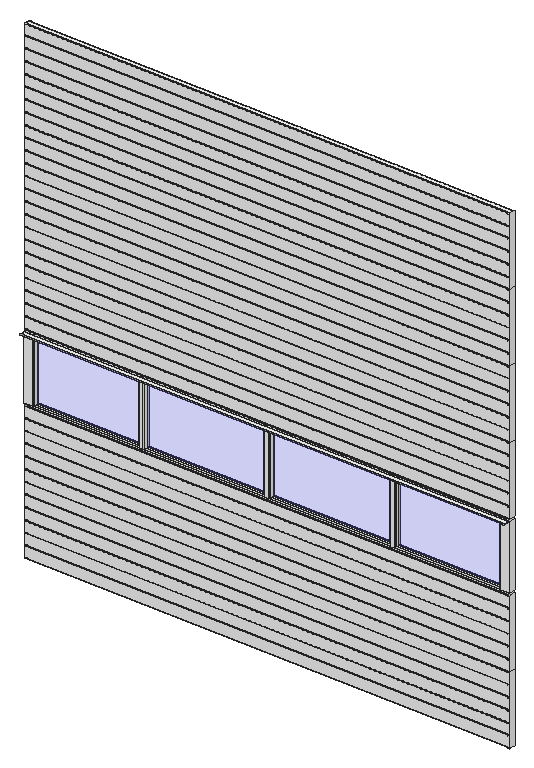
Revit family
Parameters (values of type "By Type")
  Windload = "Doors available rated for various design pressures; consult Clopay for avaialbility and specifications"
  VisSection6 = NumSections = 6  # no
  VisSection5 = NumSections > 4  # yes
  VisSection4 = NumSections > 3  # yes
  VisSection3 = NumSections > 2  # yes
  VisArray = NumSections > 6  # yes
  URL = "www.clopaydoor.com"
  Track = "Galvanized steel (gauge varies according to door size)"
  Thickness = 0' - 2"  # constant formula
  Spec Wizard = "http://www.arcat.com/specwizard/08360clo/index.htm"
  Section Height = Height / NumSections  # 2' - 0"
  Section 5 Glazing = Section : Solid
  Section 4 Glazing = Section : Solid
  Section 3 Glazing = Full Vision Section : Intermediate
  Sales Information = "http://www.clopaydoor.com/where-to-buy.aspx?type=dealer"
  Rough Width = 0' - 0"  # constant formula
  Rough Height = 0' - 0"  # constant formula
  R-Value = "12.9"
  Product Features and Benefits = "http://www.clopaydoor.com/insulated-polyurethane-applications.aspx"
  Overlapping Jamb = yes
  Overlap = if(Overlapping Jamb, 0' 1", 0' 0")  # 0' - 1"
  Opening Width = 14' - 0"
  Opening Height = 14' - 0"
  Omniclass Table = "23-30 10 17 37 "
  NumSectionsNotRounded = Height / 2' 0"  # 7
  NumSections = NumSectionsNotRounded + 0.4999  # 7
  NumArraySections = if(NumSections > 6, NumSections - 5, 2)  # 2
  Model = "3715"
  Maximum Size = "Maximum 32' 2'' wide by 26' 0'' high. Additional limitations may apply do to door weight. Consult Clopay for specificiations and shop drawings."  # constant formula
  Manufacturer Website = "http://www.clopaydoor.com"
  Manufacturer Phone Number = "1-800-526-4301"
  Manufacturer Address = "1400 W. Market St., Troy, OH 45373"
  Manufacturer = "Clopay Building Products Company"
  LEED = "http://products.construction.com/swts_content_files/151607/303186.pdf"
  Keynote = "08 36 13"
  Interior Steel = "28 ga. galvanized, primed, and finish painted"
  Hardware = "14 ga. min. steel hinges; 10-ball steel rollers"
  GreenFormat = "http://www.greenformat.com/products/1536-Polyurethane%20Insulated%20Doors.rtf"
  Function = (empty or 0)
  Height = Opening Height + Rough Width * 0  # 14' - 0"
  Wall Closure = (empty or 0)
  Width = Opening Width + Rough Width * 0  # 14' - 0"
  FloorToSection7 = 6 * Section Height  # 12' - 0"
  FloorToSection6 = 5 * Section Height  # 10' - 0"
  FloorToSection5 = 4 * Section Height  # 8' - 0"
  FloorToSection4 = 3 * Section Height  # 6' - 0"
  FloorToSection3 = 2 * Section Height  # 4' - 0"
  FloorToSection2 = Section Height  # 2' - 0"
  File Revision = "02 (August, 2012)"
  Exterior Steel = "27 ga. galvanized, primed, and finish painted"
  Double End Stiles = Door Width > 14' 2"  # no
  Door Width = Opening Width + Overlap * 2  # 14' - 2"
  Door Height = Opening Height + Rough Width * 0  # 14' - 0"
  Description = "1-3/8'' thick polyurethane insulated, stucco embossed 27 gauge steel exterior with light ribbed pattern."
  Core Material = "Expanded polyurethane"
  Copyright = "2010, Clopay Building Products Company, Inc."
  Color = White
  CAD and Specifications = "http://www.clopaydoor.com/insulated-polyurethane-specs.aspx"
  Assembly Code = "B2030410"
Reference planes (in)
  plane 1 "Center (Front/Back)": y = 0
  plane 2 "Center (Left/Right)": x = 0
  plane 3 "Left": x = -84
  plane 4 "Right": x = 84
  plane 5 "Top": z = 168
  plane 6 "Exterior": y = 3
  plane 7 "Interior": y = -3
  plane 8: z = 120
  plane 9: z = 144
Lines and regions (in)
  Opening 1
    outline origin (-90, -3, 0) x (1, 0, 0) y (0, 0, 1)
      loop
        line (6, 0) -> (174, 0) -> (174, 168) -> (6, 168) -> (6, 0)
Text (in)
  text "Exterior" at (-74.96733, 27.31104, 0), in view "Ref. Level"
  text "Interior" at (-74.96733, -25.14366, 0), in view "Ref. Level"
  text "Exterior" at (0, 40.15149, 123.01588), in view "Right"
  text "Interior" at (0, -64.39139, 123.01588), in view "Right"
  text "Interior" at (0, -31.01599, 123.00693), in view "Left"
  text "Exterior" at (0, 54.57065, 123.00693), in view "Left"
Dimensions and locks (in)
  equal spacing: plane 3 "Left", plane 2 "Center (Left/Right)", plane 4 "Right"
  "Height": level to plane 5 "Top"
  "Width": plane 3 "Left" to plane 4 "Right"
  host wall to plane 5 "Top" = 14' - 0"
  nested 1 to plane 7 "Interior" = 0' - 0 1/2"
  "FloorToSection6": plane 8 to level
  "FloorToSection7": plane 9 to level
  group 1 to group 2 = 0' - 0"  (x2)
  group 1 to group 2 = 2' - 0"
  host wall to host wall = 67' - 6"
  aligned and locked: plane 3 "Left" to Opening 1 sketch curve
  aligned and locked: plane 5 "Top" to Opening 1 sketch curve
  aligned and locked: Opening 1 sketch curve to plane 5 "Top"
  aligned and locked: Opening 1 sketch curve to plane 4 "Right"
  aligned and locked: Opening 1 sketch curve to level
  aligned and locked: plane 6 "Exterior" to host wall
  aligned and locked: host wall to plane 7 "Interior"
  aligned and locked: plane 2 "Center (Left/Right)" to nested 2
  aligned and locked: plane 2 "Center (Left/Right)" to nested 3
  aligned and locked: plane 2 "Center (Left/Right)" to nested 4
  aligned and locked: plane 2 "Center (Left/Right)" to nested 5
  aligned and locked: plane 2 "Center (Left/Right)" to nested 7
  aligned and locked: nested 7 to plane 8
  aligned and locked: nested 8 to plane 9
  aligned and locked: plane 7 "Interior" to nested 2
  aligned and locked: plane 7 "Interior" to nested 7
  aligned and locked: host wall to nested 8
  aligned and locked: plane 7 "Interior" to nested 3
  aligned and locked: host wall to nested 3
  aligned and locked: plane 7 "Interior" to nested 1
  aligned and locked: nested 2 to host wall
  aligned and locked: plane 7 "Interior" to nested 6
  aligned and locked: plane 7 "Interior" to nested 5
  aligned and locked: host wall to nested 7
  aligned and locked: plane 7 "Interior" to nested 4
Nested families (in)
  nested 1: "Section" at (0, 0, 0), type "Solid"
    with X9 0' - 7 1/2", X8 0' - 7 1/2", X7 0' - 7 1/2", X6 0' - 7 1/2", X5 0' - 7 1/2", X4 11' - 7 1/2", X3 7' - 11 1/2", X2 4' - 3 1/2", NumWindows 4, NumArrayedWindows 4, Half Door Width Neg -7' - 1", Half Door Width 7' - 1", X1 0' - 7 1/2", Door Width 14' - 2"
  nested 2: "Section" at (0, 0, 24), built-in parameter 1001364 <- "Section Height", type "Solid"
    with X9 0' - 7 1/2", X8 0' - 7 1/2", X7 0' - 7 1/2", X6 0' - 7 1/2", X5 0' - 7 1/2", X4 11' - 7 1/2", X3 7' - 11 1/2", X2 4' - 3 1/2", NumWindows 4, NumArrayedWindows 4, Half Door Width Neg -7' - 1", Half Door Width 7' - 1", X1 0' - 7 1/2", Door Width 14' - 2"
  nested 3: "Full Vision Section" at (0, 0, 48), type <- "Section 3 Glazing", built-in parameter 1001364 <- "FloorToSection3", visible <- "VisSection3", type "Intermediate"
    with SingleStileVis no, Rail Width 14' - 1 13/16", NumIntStiles 3, Half Rail Width 7' - 0 29/32", Half Door Width 7' - 1", Glass Width 14' - 0 13/16", Edge to 1st Int Stile 3' - 5", Door Width 14' - 2", ArrayStileVis yes, ArrayIntStiles 3
  nested 4: "Section" at (0, 0, 120), built-in parameter 1001364 <- "FloorToSection6", visible <- "VisSection6", type "Solid"
    with X9 0' - 7 1/2", X8 0' - 7 1/2", X7 0' - 7 1/2", X6 0' - 7 1/2", X5 0' - 7 1/2", X4 11' - 7 1/2", X3 7' - 11 1/2", X2 4' - 3 1/2", NumWindows 4, NumArrayedWindows 4, Half Door Width Neg -7' - 1", Half Door Width 7' - 1", X1 0' - 7 1/2", Door Width 14' - 2"
  nested 5: "Section" at (0, 0, 96), built-in parameter 1001364 <- "FloorToSection5", type <- "Section 5 Glazing", visible <- "VisSection5", type "Solid"
    with X9 0' - 7 1/2", X8 0' - 7 1/2", X7 0' - 7 1/2", X6 0' - 7 1/2", X5 0' - 7 1/2", X4 11' - 7 1/2", X3 7' - 11 1/2", X2 4' - 3 1/2", NumWindows 4, NumArrayedWindows 4, Half Door Width Neg -7' - 1", Half Door Width 7' - 1", X1 0' - 7 1/2", Door Width 14' - 2"
  nested 6: "Section" at (0, 0, 72), type <- "Section 4 Glazing", built-in parameter 1001364 <- "FloorToSection4", visible <- "VisSection4", type "Solid"
    with X9 0' - 7 1/2", X8 0' - 7 1/2", X7 0' - 7 1/2", X6 0' - 7 1/2", X5 0' - 7 1/2", X4 11' - 7 1/2", X3 7' - 11 1/2", X2 4' - 3 1/2", NumWindows 4, NumArrayedWindows 4, Half Door Width Neg -7' - 1", Half Door Width 7' - 1", X1 0' - 7 1/2", Door Width 14' - 2"
  nested 7: "Section" at (0, 0, 120), visible <- "VisArray", type "Solid"
    with X9 0' - 7 1/2", X8 0' - 7 1/2", X7 0' - 7 1/2", X6 0' - 7 1/2", X5 0' - 7 1/2", X4 11' - 7 1/2", X3 7' - 11 1/2", X2 4' - 3 1/2", NumWindows 4, NumArrayedWindows 4, Half Door Width Neg -7' - 1", Half Door Width 7' - 1", X1 0' - 7 1/2", Door Width 14' - 2"
  nested 8: "Section" at (0, 0, 144), visible <- "VisArray", type "Solid"
    with X9 0' - 7 1/2", X8 0' - 7 1/2", X7 0' - 7 1/2", X6 0' - 7 1/2", X5 0' - 7 1/2", X4 11' - 7 1/2", X3 7' - 11 1/2", X2 4' - 3 1/2", NumWindows 4, NumArrayedWindows 4, Half Door Width Neg -7' - 1", Half Door Width 7' - 1", X1 0' - 7 1/2", Door Width 14' - 2"
  nested 9: "Section" at (0, 4.67704, 636.93806), type "Windows - 24x8", not visible
    with X9 0' - 7 1/2", X8 0' - 7 1/2", X7 0' - 7 1/2", X6 0' - 7 1/2", X5 0' - 7 1/2", X4 11' - 7 1/2", X3 7' - 11 1/2", X2 4' - 3 1/2", NumWindows 4, NumArrayedWindows 4, Half Door Width Neg -7' - 1", Half Door Width 7' - 1", X1 0' - 7 1/2", Door Width 14' - 2"
  nested 10: "Section" at (0, 4.63986, 609.3176), type "Windows - 24x12", not visible
    with X9 0' - 7 1/2", X8 0' - 7 1/2", X7 0' - 7 1/2", X6 0' - 7 1/2", X5 0' - 7 1/2", X4 11' - 7 1/2", X3 7' - 11 1/2", X2 4' - 3 1/2", WindowSpacing 3' - 8", NumWindows 4, NumArrayedWindows 4, Half Door Width Neg -7' - 1", Half Door Width 7' - 1", X1 0' - 7 1/2", Door Width 14' - 2"
Definition of nested family "Section"
  Parameters (values of type "Windows - 24x12")
    X9 = if(if(NumArrayedWindows < NumWindows, NumArrayedWindows + 1, NumWindows) < 9, X1, X8 + WindowSpacing)  # 0' - 4 1/2"
    X8 = if(if(NumArrayedWindows < NumWindows, NumArrayedWindows + 1, NumWindows) < 8, X1, X7 + WindowSpacing)  # 0' - 4 1/2"
    X7 = if(if(NumArrayedWindows < NumWindows, NumArrayedWindows + 1, NumWindows) < 7, X1, X6 + WindowSpacing)  # 0' - 4 1/2"
    X6 = if(if(NumArrayedWindows < NumWindows, NumArrayedWindows + 1, NumWindows) < 6, X1, X5 + WindowSpacing)  # 0' - 4 1/2"
    X5 = if(if(NumArrayedWindows < NumWindows, NumArrayedWindows + 1, NumWindows) < 5, X1, X4 + WindowSpacing)  # 0' - 4 1/2"
    X4 = if(if(NumArrayedWindows < NumWindows, NumArrayedWindows + 1, NumWindows) < 4, X1, X3 + WindowSpacing)  # 0' - 4 1/2"
    X3 = if(NumWindows < 3, X1, X2 + WindowSpacing)  # 7' - 0 1/2"
    X2 = if(NumWindows < 2, ((Door Width - (NumWindows - 1) * WindowSpacing) / 2 - Cutout Width / 2), ((Door Width - (NumWindows - 1) * WindowSpacing) / 2 - Cutout Width / 2) + WindowSpacing)  # 3' - 8 1/2"
    Windows = 37xx Window Array : 24x12
    WindowVis = yes
    WindowSpacing = if(and(Door Width < 10' 0", Door Width > 9' 2"), 3' 4", 3' 8")  # 3' - 4"
    WindowCutDepth = 0' - 2"
    Section Height = 2' - 0"
    RibSpacing = Section Height / (NumRibs + 1)  # 0' - 4"
    NumWindows = if(Door Width < 9' 4", 2, if(Door Width < 13' 4", 3, if(Door Width < 16' 4", 4, if(Door Width < 20' 4", 5, if(Door Width < 24' 4", 6, if(Door Width < 26' 4", 7, if(Door Width < 31' 8", 8, 10)))))))  # 3
    NumRibs = if(Section Height < 1' 9", 3, if(Section Height < 2' 0", 4, 5))  # 5
    NumArrayedWindows = if(X2 = X1, NumWindows - 2, NumWindows)  # 3
    Half Section Height = Section Height / 2  # 1' - 0"
    Half Door Width Neg = -Half Door Width  # -4' - 8"
    Half Door Width = Door Width / 2  # 4' - 8"
    Half Cutout Height = Cutout Height / 2  # 0' - 5 1/2"
    Function = (empty or 0)
    Height = 0' - 0"
    Wall Closure = (empty or 0)
    Width = 0' - 0"
    X1 = if(or(Door Width > 31' 6", and(Door Width > 26' 2", Door Width < 28' 1"), Door Width = 24' 3", Door Width = 24' 4", and(Door Width > 20' 2", Door Width < 20' 11"), and(Door Width > 16' 2", Door Width < 17' 3")), X2, (Door Width - (NumWindows - 1) * WindowSpacing) / 2 - Cutout Width / 2)  # 0' - 4 1/2"
    Door Width = 9' - 4"
    CutoutToCutout = 1' - 0"
    Cutout Width = 1' - 11"
    Cutout Height = 0' - 11"
    Color = White
    BtmTo1stRib = RibSpacing  # 0' - 4"
    Assembly Code = ""
  Types (3): name | X7 | X6 | X5 | X4 | X3 | X2 | Windows | WindowVis | WindowSpacing | WindowCutDepth | NumWindows | NumArrayedWindows | Half Door Width Neg | Half Door Width | Half Cutout Height | Door Width | Cutout Height
    Windows - 24x12 | 0' - 4 1/2" | 0' - 4 1/2" | 0' - 4 1/2" | 0' - 4 1/2" | 7' - 0 1/2" | 3' - 8 1/2" | 37xx Window Array : 24x12 | yes | 3' - 4" | 0' - 2" | 3 | 3 | -4' - 8" | 4' - 8" | 0' - 5 1/2" | 9' - 4" | 0' - 11"
    Windows - 24x8 | 22' - 4 1/2" | 18' - 8 1/2" | 15' - 0 1/2" | 11' - 4 1/2" | 7' - 8 1/2" | 4' - 0 1/2" | 37xx Window Array : 24x8 | yes | 3' - 8" | 0' - 2" | 7 | 7 | -12' - 4" | 12' - 4" | 0' - 3 1/2" | 24' - 8" | 0' - 7"
    Solid | 22' - 4 1/2" | 18' - 8 1/2" | 15' - 0 1/2" | 11' - 4 1/2" | 7' - 8 1/2" | 4' - 0 1/2" | 37xx Window Array : 24x8 | no | 3' - 8" | -0' - 0 13/128" | 7 | 7 | -12' - 4" | 12' - 4" | 0' - 3 1/2" | 24' - 8" | 0' - 7"
  Reference planes (in)
    plane 1 "Center (Front/Back)": y = 0
    plane 2 "Center (Left/Right)": x = 0
    plane 3 "Exterior": y = 3
    plane 4 "Interior": y = -3
    plane 5: y = -3.5
    plane 6: x = 56
    plane 7: x = -56
    plane 8: z = 4
    plane 9: z = 8
    plane 10: z = 24
    plane 11: z = 12
    plane 12: z = 0
  Forms (in)
    Extrusion 1, solid, material "White" <- "Color"
      sketch origin (-56, -12, 83.08252) x (0, 0, 1) y (0, -1, 0)
        loop
          line (-59.08252, -8.37573) -> (-59.08252, -6.62444)
          arc (-59.08252, -6.62444) -> (-59.11897, -6.53645) -> (-59.20696, -6.5) r 0.12444
          line (-59.20696, -6.5) -> (-82.95809, -6.5)
          arc (-82.95809, -6.5) -> (-83.04608, -6.53645) -> (-83.08252, -6.62444) r 0.12444
          line (-83.08252, -6.62444) -> (-83.08252, -8.37573)
          arc (-83.08252, -8.37573) -> (-83.04612, -8.4636) -> (-82.95825, -8.5) r 0.12427
          line (-82.95825, -8.5) -> (-59.20679, -8.5)
          arc (-59.20679, -8.5) -> (-59.11892, -8.4636) -> (-59.08252, -8.37573) r 0.12427
      from 0 to 112 <- "Door Width"
    Extrusion 2, void
      sketch origin (0, 0, -0.5) x (0, -1, 0) y (0, 0, 1)
        loop
          line (3.5, 4.62727) -> (3.5, 4.37273) -> (3.53032, 4.41942)
          arc (3.53032, 4.41942) -> (3.53753, 4.43506) -> (3.54, 4.4521) r 0.06
          line (3.54, 4.4521) -> (3.54, 4.5479)
          arc (3.54, 4.5479) -> (3.53753, 4.56494) -> (3.53032, 4.58058) r 0.06
          line (3.53032, 4.58058) -> (3.5, 4.62727)
      from -56 <- "Half Door Width Neg" to 112 <- "Door Width"
    Extrusion 3, void
      sketch origin (0, 0, 3.5) x (0, -1, 0) y (0, 0, 1)
        loop
          line (3.5, 4.62727) -> (3.5, 4.37273) -> (3.53032, 4.41942)
          arc (3.53032, 4.41942) -> (3.53753, 4.43506) -> (3.54, 4.4521) r 0.06
          line (3.54, 4.4521) -> (3.54, 4.5479)
          arc (3.54, 4.5479) -> (3.53753, 4.56494) -> (3.53032, 4.58058) r 0.06
          line (3.53032, 4.58058) -> (3.5, 4.62727)
      from -56 <- "Half Door Width Neg" to 112 <- "Door Width"
    Extrusion 4, void
      sketch origin (0, 0, 7.5) x (0, -1, 0) y (0, 0, 1)
        loop
          line (3.5, 4.62727) -> (3.5, 4.37273) -> (3.53032, 4.41942)
          arc (3.53032, 4.41942) -> (3.53753, 4.43506) -> (3.54, 4.4521) r 0.06
          line (3.54, 4.4521) -> (3.54, 4.5479)
          arc (3.54, 4.5479) -> (3.53753, 4.56494) -> (3.53032, 4.58058) r 0.06
          line (3.53032, 4.58058) -> (3.5, 4.62727)
      from -56 <- "Half Door Width Neg" to 112 <- "Door Width"
    Extrusion 5, void
      sketch origin (0, -8.99984, -0.5) x (0, 1, 0) y (0, 0, -1)
        loop
          line (3.5, -4.62727) -> (3.53032, -4.58058)
          arc (3.53032, -4.58058) -> (3.53753, -4.56494) -> (3.54, -4.5479) r 0.06
          line (3.54, -4.5479) -> (3.54, -4.4521)
          arc (3.54, -4.4521) -> (3.53753, -4.43506) -> (3.53032, -4.41942) r 0.06
          line (3.53032, -4.41942) -> (3.5, -4.37273) -> (3.5, -4.62727)
      from -56 <- "Half Door Width Neg" to 112 <- "Door Width"
    Extrusion 6, void
      sketch origin (0, -8.99984, 3.5) x (0, 1, 0) y (0, 0, -1)
        loop
          line (3.5, -4.62727) -> (3.53032, -4.58058)
          arc (3.53032, -4.58058) -> (3.53753, -4.56494) -> (3.54, -4.5479) r 0.06
          line (3.54, -4.5479) -> (3.54, -4.4521)
          arc (3.54, -4.4521) -> (3.53753, -4.43506) -> (3.53032, -4.41942) r 0.06
          line (3.53032, -4.41942) -> (3.5, -4.37273) -> (3.5, -4.62727)
      from -56 <- "Half Door Width Neg" to 112 <- "Door Width"
    Extrusion 7, void
      sketch origin (0, -8.99984, 7.5) x (0, 1, 0) y (0, 0, -1)
        loop
          line (3.5, -4.62727) -> (3.53032, -4.58058)
          arc (3.53032, -4.58058) -> (3.53753, -4.56494) -> (3.54, -4.5479) r 0.06
          line (3.54, -4.5479) -> (3.54, -4.4521)
          arc (3.54, -4.4521) -> (3.53753, -4.43506) -> (3.53032, -4.41942) r 0.06
          line (3.53032, -4.41942) -> (3.5, -4.37273) -> (3.5, -4.62727)
      from -56 <- "Half Door Width Neg" to 112 <- "Door Width"
    Extrusion 8, void
      sketch origin (-98.15385, -3.5, 48) x (1, 0, 0) y (0, 0, 1)
        loop
          line (149.65385, -30.5) -> (126.65385, -30.5) -> (126.65385, -36) -> (149.65385, -36) -> (149.65385, -30.5)
      from 0 to 2 <- "WindowCutDepth"
    Extrusion 9, void
      sketch origin (-98.15385, -3.5, -24) x (1, 0, 0) y (0, 0, 1)
        loop
          line (149.65385, 30.5) -> (149.65385, 36) -> (126.65385, 36) -> (126.65385, 30.5) -> (149.65385, 30.5)
      from 0 to 2 <- "WindowCutDepth"
    Extrusion 10, void
      sketch origin (-136.15385, -3.5, 48) x (1, 0, 0) y (0, 0, 1)
        loop
          line (147.65385, -30.5) -> (124.65385, -30.5) -> (124.65385, -36) -> (147.65385, -36) -> (147.65385, -30.5)
      from 0 to 2 <- "WindowCutDepth"
    Extrusion 11, void
      sketch origin (-136.15385, -3.5, -24) x (1, 0, 0) y (0, 0, 1)
        loop
          line (147.65385, 30.5) -> (147.65385, 36) -> (124.65385, 36) -> (124.65385, 30.5) -> (147.65385, 30.5)
      from 0 to 2 <- "WindowCutDepth"
    Extrusion 12, void
      sketch origin (-171.15385, -3.5, 48) x (1, 0, 0) y (0, 0, 1)
        loop
          line (142.65385, -30.5) -> (119.65385, -30.5) -> (119.65385, -36) -> (142.65385, -36) -> (142.65385, -30.5)
      from 0 to 2 <- "WindowCutDepth"
    Extrusion 13, void
      sketch origin (-171.15385, -3.5, -24) x (1, 0, 0) y (0, 0, 1)
        loop
          line (142.65385, 30.5) -> (142.65385, 36) -> (119.65385, 36) -> (119.65385, 30.5) -> (142.65385, 30.5)
      from 0 to 2 <- "WindowCutDepth"
    Extrusion 14, void
      sketch origin (-214.15385, -3.5, 48) x (1, 0, 0) y (0, 0, 1)
        loop
          line (265.65385, -30.5) -> (242.65385, -30.5) -> (242.65385, -36) -> (265.65385, -36) -> (265.65385, -30.5)
      from 0 to 2 <- "WindowCutDepth"
    Extrusion 15, void
      sketch origin (-214.15385, -3.5, -24) x (1, 0, 0) y (0, 0, 1)
        loop
          line (265.65385, 30.5) -> (265.65385, 36) -> (242.65385, 36) -> (242.65385, 30.5) -> (265.65385, 30.5)
      from 0 to 2 <- "WindowCutDepth"
    Extrusion 16, void
      sketch origin (-256.15385, -3.5, 48) x (1, 0, 0) y (0, 0, 1)
        loop
          line (307.65385, -30.5) -> (284.65385, -30.5) -> (284.65385, -36) -> (307.65385, -36) -> (307.65385, -30.5)
      from 0 to 2 <- "WindowCutDepth"
    Extrusion 17, void
      sketch origin (-256.15385, -3.5, -24) x (1, 0, 0) y (0, 0, 1)
        loop
          line (307.65385, 30.5) -> (307.65385, 36) -> (284.65385, 36) -> (284.65385, 30.5) -> (307.65385, 30.5)
      from 0 to 2 <- "WindowCutDepth"
    Extrusion 18, void
      sketch origin (-294.15385, -3.5, 48) x (1, 0, 0) y (0, 0, 1)
        loop
          line (345.65385, -30.5) -> (322.65385, -30.5) -> (322.65385, -36) -> (345.65385, -36) -> (345.65385, -30.5)
      from 0 to 2 <- "WindowCutDepth"
    Extrusion 19, void
      sketch origin (-294.15385, -3.5, -24) x (1, 0, 0) y (0, 0, 1)
        loop
          line (345.65385, 30.5) -> (345.65385, 36) -> (322.65385, 36) -> (322.65385, 30.5) -> (345.65385, 30.5)
      from 0 to 2 <- "WindowCutDepth"
    Extrusion 20, void
      sketch origin (-331.15385, -3.5, 48) x (1, 0, 0) y (0, 0, 1)
        loop
          line (382.65385, -30.5) -> (359.65385, -30.5) -> (359.65385, -36) -> (382.65385, -36) -> (382.65385, -30.5)
      from 0 to 2 <- "WindowCutDepth"
    Extrusion 21, void
      sketch origin (-331.15385, -3.5, -24) x (1, 0, 0) y (0, 0, 1)
        loop
          line (382.65385, 30.5) -> (382.65385, 36) -> (359.65385, 36) -> (359.65385, 30.5) -> (382.65385, 30.5)
      from 0 to 2 <- "WindowCutDepth"
    Extrusion 22, void
      sketch origin (-368.15385, -3.5, 48) x (1, 0, 0) y (0, 0, 1)
        loop
          line (419.65385, -30.5) -> (396.65385, -30.5) -> (396.65385, -36) -> (419.65385, -36) -> (419.65385, -30.5)
      from 0 to 2 <- "WindowCutDepth"
    Extrusion 23, void
      sketch origin (-368.15385, -3.5, -24) x (1, 0, 0) y (0, 0, 1)
        loop
          line (419.65385, 30.5) -> (419.65385, 36) -> (396.65385, 36) -> (396.65385, 30.5) -> (419.65385, 30.5)
      from 0 to 2 <- "WindowCutDepth"
    Extrusion 24, void
      sketch origin (-407.15385, -3.5, 48) x (1, 0, 0) y (0, 0, 1)
        loop
          line (458.65385, -30.5) -> (435.65385, -30.5) -> (435.65385, -36) -> (458.65385, -36) -> (458.65385, -30.5)
      from 0 to 2 <- "WindowCutDepth"
    Extrusion 25, void
      sketch origin (-407.15385, -3.5, -24) x (1, 0, 0) y (0, 0, 1)
        loop
          line (458.65385, 30.5) -> (458.65385, 36) -> (435.65385, 36) -> (435.65385, 30.5) -> (458.65385, 30.5)
      from 0 to 2 <- "WindowCutDepth"
    Extrusion 26, void
      sketch origin (0, 0, 11.5) x (0, -1, 0) y (0, 0, 1)
        loop
          line (3.5, 4.62727) -> (3.5, 4.37273) -> (3.53032, 4.41942)
          arc (3.53032, 4.41942) -> (3.53753, 4.43506) -> (3.54, 4.4521) r 0.06
          line (3.54, 4.4521) -> (3.54, 4.5479)
          arc (3.54, 4.5479) -> (3.53753, 4.56494) -> (3.53032, 4.58058) r 0.06
          line (3.53032, 4.58058) -> (3.5, 4.62727)
      from -56 <- "Half Door Width Neg" to 112 <- "Door Width"
    Extrusion 27, void
      sketch origin (0, -8.99984, 11.5) x (0, 1, 0) y (0, 0, -1)
        loop
          line (3.5, -4.62727) -> (3.53032, -4.58058)
          arc (3.53032, -4.58058) -> (3.53753, -4.56494) -> (3.54, -4.5479) r 0.06
          line (3.54, -4.5479) -> (3.54, -4.4521)
          arc (3.54, -4.4521) -> (3.53753, -4.43506) -> (3.53032, -4.41942) r 0.06
          line (3.53032, -4.41942) -> (3.5, -4.37273) -> (3.5, -4.62727)
      from -56 <- "Half Door Width Neg" to 112 <- "Door Width"
    Extrusion 28, void
      sketch origin (0, 0, 15.5) x (0, -1, 0) y (0, 0, 1)
        loop
          line (3.5, 4.62727) -> (3.5, 4.37273) -> (3.53032, 4.41942)
          arc (3.53032, 4.41942) -> (3.53753, 4.43506) -> (3.54, 4.4521) r 0.06
          line (3.54, 4.4521) -> (3.54, 4.5479)
          arc (3.54, 4.5479) -> (3.53753, 4.56494) -> (3.53032, 4.58058) r 0.06
          line (3.53032, 4.58058) -> (3.5, 4.62727)
      from -56 <- "Half Door Width Neg" to 112 <- "Door Width"
    Extrusion 29, void
      sketch origin (0, -8.99984, 15.5) x (0, 1, 0) y (0, 0, -1)
        loop
          line (3.5, -4.62727) -> (3.53032, -4.58058)
          arc (3.53032, -4.58058) -> (3.53753, -4.56494) -> (3.54, -4.5479) r 0.06
          line (3.54, -4.5479) -> (3.54, -4.4521)
          arc (3.54, -4.4521) -> (3.53753, -4.43506) -> (3.53032, -4.41942) r 0.06
          line (3.53032, -4.41942) -> (3.5, -4.37273) -> (3.5, -4.62727)
      from -56 <- "Half Door Width Neg" to 112 <- "Door Width"
  Cuts and joins
    Extrusion 2, Extrusion 3, Extrusion 4, Extrusion 5, Extrusion 6, Extrusion 7, Extrusion 8, Extrusion 9, Extrusion 10, Extrusion 11, Extrusion 12, Extrusion 13, Extrusion 14, Extrusion 15, Extrusion 16, Extrusion 17, Extrusion 18, Extrusion 19, Extrusion 20, Extrusion 21, Extrusion 22, Extrusion 23, Extrusion 24, Extrusion 25, Extrusion 26, Extrusion 27, Extrusion 28, Extrusion 29 cuts Extrusion 1
  Lines and regions (in)
    reference lines
      curve 1: line (-72, -3.54, 4) -> (-72, -3.5, 4)
      curve 2: line (-72, -5.45984, 4) -> (-72, -5.49984, 4)
      curve 3: line (-72, -3.54, 8) -> (-72, -3.5, 8)
      curve 4: line (-72, -3.54, 12) -> (-72, -3.5, 12)
      curve 5: line (-72, -5.45984, 4) -> (-72, -5.49984, 4)
      curve 6: line (-72, -5.45984, 8) -> (-72, -5.49984, 8)
      curve 7: line (-72, -5.45984, 12) -> (-72, -5.49984, 12)
      curve 8: line (-72, -3.54, 16) -> (-72, -3.5, 16)
      curve 9: line (-72, -5.45984, 16) -> (-72, -5.49984, 16)
      curve 10: line (-72, -3.54, 20) -> (-72, -3.5, 20)
      curve 11: line (-72, -5.45984, 20) -> (-72, -5.49984, 20)
  Text (in)
    text "Exterior" at (-74.96733, 27.31104, 0), in view "Ref. Level"
    text "Interior" at (-74.96733, -25.14366, 0), in view "Ref. Level"
    text "Exterior" at (0, 40.15149, 123.01588), in view "Right"
    text "Interior" at (0, -64.39139, 123.01588), in view "Right"
    text "Interior" at (0, -31.01599, 123.00693), in view "Left"
    text "Exterior" at (0, 54.57065, 123.00693), in view "Left"
  Dimensions and locks (in)
    plane 4 "Interior" to plane 5 = 0' - 0 1/2"
    "Half Door Width": plane 2 "Center (Left/Right)" to plane 7
    "Half Door Width": plane 6 to plane 2 "Center (Left/Right)"
    Extrusion 1 sketch curve to Extrusion 1 sketch curve = 0' - 2"
    Extrusion 2 sketch curve to Extrusion 2 sketch curve = 0' - 0.25454"
    Extrusion 2 sketch curve to Extrusion 2 sketch curve = 0' - 0.04"  (x2)
    "BtmTo1stRib": plane 8 to level
    curve 1 to Extrusion 2 sketch curve = 0' - 0.12727"
    "RibSpacing": plane 9 to plane 8
    "Section Height": plane 10 to level
    Extrusion 3 sketch curve to Extrusion 3 sketch curve = 0' - 0.25454"
    Extrusion 3 sketch curve to Extrusion 3 sketch curve = 0' - 0.04"  (x2)
    curve 3 to Extrusion 3 sketch curve = 0' - 0.12727"
    equal spacing: group 1, group 2, group 3, group 4, group 5  (x3)
    Extrusion 4 sketch curve to Extrusion 4 sketch curve = 0' - 0.25454"
    Extrusion 4 sketch curve to Extrusion 4 sketch curve = 0' - 0.04"  (x2)
    curve 4 to Extrusion 4 sketch curve = 0' - 0.12727"
    Extrusion 5 sketch curve to Extrusion 5 sketch curve = 0' - 0.25454"
    Extrusion 5 sketch curve to Extrusion 5 sketch curve = 0' - 0.04"  (x2)
    Extrusion 5 sketch curve to curve 5 = 0' - 0.12727"
    Extrusion 6 sketch curve to Extrusion 6 sketch curve = 0' - 0.25454"
    Extrusion 6 sketch curve to Extrusion 6 sketch curve = 0' - 0.04"  (x2)
    Extrusion 6 sketch curve to curve 6 = 0' - 0.12727"
    Extrusion 7 sketch curve to Extrusion 7 sketch curve = 0' - 0.25454"
    Extrusion 7 sketch curve to Extrusion 7 sketch curve = 0' - 0.04"  (x2)
    Extrusion 7 sketch curve to curve 7 = 0' - 0.12727"
    "Half Section Height": level to plane 11
    "Cutout Width": Extrusion 8 sketch curve to Extrusion 8 sketch curve
    "Half Cutout Height": Extrusion 8 sketch curve to Extrusion 8 sketch curve
    "Cutout Width": Extrusion 9 sketch curve to Extrusion 9 sketch curve
    "Half Cutout Height": Extrusion 9 sketch curve to Extrusion 9 sketch curve
    "X1": cut or joined group 1 (Extrusion 1, Extrusion 2, Extrusion 3, Extrusion 4, Extrusion 5, Extrusion 6, Extrusion 7, Extrusion 8, Extrusion 9, Extrusion 10, Extrusion 11, Extrusion 12, Extrusion 13, Extrusion 14, Extrusion 15, Extrusion 16, Extrusion 17, Extrusion 18, Extrusion 19, Extrusion 20, Extrusion 21, Extrusion 22, Extrusion 23, Extrusion 24, Extrusion 25, Extrusion 26, Extrusion 27, Extrusion 28, Extrusion 29) to cut or joined group 1
    "Cutout Width": Extrusion 10 sketch curve to Extrusion 10 sketch curve
    "Half Cutout Height": Extrusion 10 sketch curve to Extrusion 10 sketch curve
    "Cutout Width": Extrusion 11 sketch curve to Extrusion 11 sketch curve
    "Half Cutout Height": Extrusion 11 sketch curve to Extrusion 11 sketch curve
    "Cutout Width": Extrusion 12 sketch curve to Extrusion 12 sketch curve
    "Half Cutout Height": Extrusion 12 sketch curve to Extrusion 12 sketch curve
    "Cutout Width": Extrusion 13 sketch curve to Extrusion 13 sketch curve
    "Half Cutout Height": Extrusion 13 sketch curve to Extrusion 13 sketch curve
    "X2": plane 6 to cut or joined group 1
    "X3": plane 6 to cut or joined group 1
    "Cutout Width": Extrusion 14 sketch curve to Extrusion 14 sketch curve
    "Half Cutout Height": Extrusion 14 sketch curve to Extrusion 14 sketch curve
    "Cutout Width": Extrusion 15 sketch curve to Extrusion 15 sketch curve
    "Half Cutout Height": Extrusion 15 sketch curve to Extrusion 15 sketch curve
    "Cutout Width": Extrusion 16 sketch curve to Extrusion 16 sketch curve
    "Half Cutout Height": Extrusion 16 sketch curve to Extrusion 16 sketch curve
    "Cutout Width": Extrusion 17 sketch curve to Extrusion 17 sketch curve
    "Half Cutout Height": Extrusion 17 sketch curve to Extrusion 17 sketch curve
    "Cutout Width": Extrusion 18 sketch curve to Extrusion 18 sketch curve
    "Half Cutout Height": Extrusion 18 sketch curve to Extrusion 18 sketch curve
    "Cutout Width": Extrusion 19 sketch curve to Extrusion 19 sketch curve
    "Half Cutout Height": Extrusion 19 sketch curve to Extrusion 19 sketch curve
    "Cutout Width": Extrusion 20 sketch curve to Extrusion 20 sketch curve
    "Half Cutout Height": Extrusion 20 sketch curve to Extrusion 20 sketch curve
    "Cutout Width": Extrusion 21 sketch curve to Extrusion 21 sketch curve
    "Half Cutout Height": Extrusion 21 sketch curve to Extrusion 21 sketch curve
    "Cutout Width": Extrusion 22 sketch curve to Extrusion 22 sketch curve
    "Half Cutout Height": Extrusion 22 sketch curve to Extrusion 22 sketch curve
    "Cutout Width": Extrusion 23 sketch curve to Extrusion 23 sketch curve
    "Half Cutout Height": Extrusion 23 sketch curve to Extrusion 23 sketch curve
    "Cutout Width": Extrusion 24 sketch curve to Extrusion 24 sketch curve
    "Half Cutout Height": Extrusion 24 sketch curve to Extrusion 24 sketch curve
    "Cutout Width": Extrusion 25 sketch curve to Extrusion 25 sketch curve
    "Half Cutout Height": Extrusion 25 sketch curve to Extrusion 25 sketch curve
    "X4": plane 6 to cut or joined group 1
    "X5": plane 6 to cut or joined group 1
    "X6": plane 6 to cut or joined group 1
    "X7": plane 6 to cut or joined group 1
    "X8": plane 6 to cut or joined group 1
    "X9": plane 6 to cut or joined group 1
    locked: nested 1 to cut or joined group 1 at 1  (x2)
    locked: nested 1 to cut or joined group 1 at 0.125
    Extrusion 26 sketch curve to Extrusion 26 sketch curve = 0' - 0.25454"
    Extrusion 26 sketch curve to Extrusion 26 sketch curve = 0' - 0.04"  (x2)
    curve 8 to Extrusion 26 sketch curve = 0' - 0.12727"
    Extrusion 27 sketch curve to Extrusion 27 sketch curve = 0' - 0.25454"
    Extrusion 27 sketch curve to Extrusion 27 sketch curve = 0' - 0.04"  (x2)
    Extrusion 27 sketch curve to curve 9 = 0' - 0.12727"
    Extrusion 28 sketch curve to Extrusion 28 sketch curve = 0' - 0.25454"
    Extrusion 28 sketch curve to Extrusion 28 sketch curve = 0' - 0.04"  (x2)
    curve 10 to Extrusion 28 sketch curve = 0' - 0.12727"
    Extrusion 29 sketch curve to Extrusion 29 sketch curve = 0' - 0.25454"
    Extrusion 29 sketch curve to Extrusion 29 sketch curve = 0' - 0.04"  (x2)
    Extrusion 29 sketch curve to curve 11 = 0' - 0.12727"
    locked: plane 4 "Interior" to cut or joined group 1 at 0.5
    radius of Extrusion 1 sketch curve = 0' - 0.12427"  (x2)
    radius of Extrusion 1 sketch curve = 0' - 0.12444"  (x2)
    angle Extrusion 2 sketch curve to Extrusion 2 sketch curve = 147.00°  (x2)
    angle Extrusion 3 sketch curve to Extrusion 3 sketch curve = 147.00°  (x2)
    angle Extrusion 4 sketch curve to Extrusion 4 sketch curve = 147.00°  (x2)
    angle Extrusion 5 sketch curve to Extrusion 5 sketch curve = 147.00°  (x2)
    angle Extrusion 6 sketch curve to Extrusion 6 sketch curve = 147.00°  (x2)
    angle Extrusion 7 sketch curve to Extrusion 7 sketch curve = 147.00°  (x2)
    angle Extrusion 26 sketch curve to Extrusion 26 sketch curve = 147.00°  (x2)
    angle Extrusion 27 sketch curve to Extrusion 27 sketch curve = 147.00°  (x2)
    angle Extrusion 28 sketch curve to Extrusion 28 sketch curve = 147.00°  (x2)
    angle Extrusion 29 sketch curve to Extrusion 29 sketch curve = 147.00°  (x2)
    aligned and locked: Extrusion 1 sketch curve to plane 5
    aligned and locked: plane 8 to curve 1
    aligned and locked: plane 9 to curve 3
    aligned and locked: Extrusion 8 sketch curve to plane 11
    aligned and locked: plane 11 to Extrusion 9 sketch curve
    aligned and locked: cut or joined group 1 to cut or joined group 1  (x9)
    aligned and locked: plane 12 to level
  Automatic sketch dimensions
    curve 2 to curve 1 = 0' - 1.91984"
    curve 1 to curve 1 = 0' - 0.04"  (x2)
    curve 1 to curve 2 = 0' - 1.91984"
    curve 2 to curve 2 = 0' - 0.04"  (x2)
    Extrusion 2 sketch curve to Extrusion 2 sketch curve = 0' - 0"
    Extrusion 2 sketch curve to Extrusion 2 sketch curve = 0' - 0.02"
    Extrusion 2 sketch curve to Extrusion 2 sketch curve = 0' - 0.00968"  (x2)
    curve 5 to curve 1 = 0' - 0"
    curve 1 to curve 5 = 0' - 1.91984"
    curve 5 to curve 5 = 0' - 0.04"
    Extrusion 5 sketch curve to Extrusion 5 sketch curve = 0' - 0"
    Extrusion 5 sketch curve to Extrusion 5 sketch curve = 0' - 0.02"
    Extrusion 5 sketch curve to Extrusion 5 sketch curve = 0' - 0.00968"  (x2)
    Extrusion 3 sketch curve to Extrusion 3 sketch curve = 0' - 0"
    Extrusion 3 sketch curve to Extrusion 3 sketch curve = 0' - 0.02"
    Extrusion 3 sketch curve to Extrusion 3 sketch curve = 0' - 0.00968"  (x2)
    curve 6 to curve 3 = 0' - 0"
    curve 3 to curve 3 = 0' - 0.04"
    curve 3 to curve 6 = 0' - 1.91984"
    curve 6 to curve 6 = 0' - 0.04"
    Extrusion 4 sketch curve to Extrusion 4 sketch curve = 0' - 0"
    Extrusion 4 sketch curve to Extrusion 4 sketch curve = 0' - 0.02"
    Extrusion 4 sketch curve to Extrusion 4 sketch curve = 0' - 0.00968"  (x2)
    curve 7 to curve 4 = 0' - 0"
    curve 4 to curve 4 = 0' - 0.04"
    curve 4 to curve 7 = 0' - 1.91984"
    curve 7 to curve 7 = 0' - 0.04"
    Extrusion 7 sketch curve to Extrusion 7 sketch curve = 0' - 0.00968"
    Extrusion 6 sketch curve to Extrusion 6 sketch curve = 0' - 0.00968"
    curve 2 to plane 8 = 0' - 0"
    curve 2 to plane 5 = 0' - 1.95984"
    Extrusion 8 sketch curve to plane 6 = 2' - 3 1/2"
    Extrusion 9 sketch curve to plane 6 = 2' - 3 1/2"
    Extrusion 10 sketch curve to plane 11 = 0' - 0"
    Extrusion 10 sketch curve to plane 6 = 5' - 7 1/2"
    Extrusion 11 sketch curve to plane 11 = 0' - 0"
    Extrusion 11 sketch curve to plane 6 = 5' - 7 1/2"
    Extrusion 12 sketch curve to plane 11 = 0' - 0"
    Extrusion 12 sketch curve to plane 6 = 8' - 11 1/2"
    Extrusion 13 sketch curve to plane 11 = 0' - 0"
    Extrusion 13 sketch curve to plane 6 = 8' - 11 1/2"
    Extrusion 14 sketch curve to plane 11 = 0' - 0"
    plane 2 "Center (Left/Right)" to Extrusion 14 sketch curve = 2' - 4 1/2"
    Extrusion 15 sketch curve to plane 11 = 0' - 0"
    plane 2 "Center (Left/Right)" to Extrusion 15 sketch curve = 2' - 4 1/2"
    Extrusion 16 sketch curve to plane 11 = 0' - 0"
    plane 2 "Center (Left/Right)" to Extrusion 16 sketch curve = 2' - 4 1/2"
    Extrusion 17 sketch curve to plane 11 = 0' - 0"
    plane 2 "Center (Left/Right)" to Extrusion 17 sketch curve = 2' - 4 1/2"
    Extrusion 18 sketch curve to plane 11 = 0' - 0"
    plane 2 "Center (Left/Right)" to Extrusion 18 sketch curve = 2' - 4 1/2"
    Extrusion 19 sketch curve to plane 11 = 0' - 0"
    plane 2 "Center (Left/Right)" to Extrusion 19 sketch curve = 2' - 4 1/2"
    Extrusion 20 sketch curve to plane 11 = 0' - 0"
    plane 2 "Center (Left/Right)" to Extrusion 20 sketch curve = 2' - 4 1/2"
    Extrusion 21 sketch curve to plane 11 = 0' - 0"
    plane 2 "Center (Left/Right)" to Extrusion 21 sketch curve = 2' - 4 1/2"
    Extrusion 22 sketch curve to plane 11 = 0' - 0"
    plane 7 to Extrusion 22 sketch curve = 7' - 0 1/2"
    Extrusion 23 sketch curve to plane 11 = 0' - 0"
    plane 7 to Extrusion 23 sketch curve = 7' - 0 1/2"
    Extrusion 24 sketch curve to plane 11 = 0' - 0"
    plane 7 to Extrusion 24 sketch curve = 7' - 0 1/2"
    Extrusion 25 sketch curve to plane 11 = 0' - 0"
    plane 7 to Extrusion 25 sketch curve = 7' - 0 1/2"
    Extrusion 1 sketch curve to plane 10 = 0' - 0"
    Extrusion 1 sketch curve to level = 0' - 0"
    Extrusion 26 sketch curve to Extrusion 26 sketch curve = 0' - 0"
    Extrusion 26 sketch curve to Extrusion 26 sketch curve = 0' - 0.02"
    Extrusion 26 sketch curve to Extrusion 26 sketch curve = 0' - 0.00968"  (x2)
    curve 9 to curve 8 = 0' - 0"
    curve 8 to curve 8 = 0' - 0.04"
    curve 8 to curve 9 = 0' - 1.91984"
    curve 9 to curve 9 = 0' - 0.04"
    Extrusion 27 sketch curve to Extrusion 27 sketch curve = 0' - 0"
    Extrusion 27 sketch curve to Extrusion 27 sketch curve = 0' - 0.02"
    Extrusion 27 sketch curve to Extrusion 27 sketch curve = 0' - 0.00968"  (x2)
    Extrusion 28 sketch curve to Extrusion 28 sketch curve = 0' - 0"
    Extrusion 28 sketch curve to Extrusion 28 sketch curve = 0' - 0.02"
    Extrusion 28 sketch curve to Extrusion 28 sketch curve = 0' - 0.00968"  (x2)
    curve 11 to curve 10 = 0' - 0"
    curve 10 to curve 10 = 0' - 0.04"
    curve 10 to curve 11 = 0' - 1.91984"
    curve 11 to curve 11 = 0' - 0.04"
    Extrusion 29 sketch curve to Extrusion 29 sketch curve = 0' - 0"
    Extrusion 29 sketch curve to Extrusion 29 sketch curve = 0' - 0.02"
    Extrusion 29 sketch curve to Extrusion 29 sketch curve = 0' - 0.00968"  (x2)
  Nested families (in)
    nested 1: "37xx Window Array" at (40, -3.375, 7.5) x (-1, 0, 0) z (0, 0, 1), type <- "Windows", visible <- "WindowVis", type "24x12"
      with Window Spacing 3' - 4"
  Definition of nested family "37xx Window Array"
    Parameters (values of type "24x8")
      Window Spacing = 3' - 8"
      NumWindows = 3
      Frame Width = 2' - 1"
      Frame Height = 0' - 9"
      Color = White
      Assembly Code = ""
    Types (2): name | Frame Height | Color
      24x8 | 0' - 9" | White
      24x12 | 1' - 1" | none
    Reference planes (in)
      plane 1 "Center (Front/Back)": y = 0
      plane 2: z = 0
      plane 3 "Center (Left/Right)": x = 0
      plane 4: y = -1
    Forms (in)
      Extrusion 1, solid, material "White" <- "Color"
        sketch origin (-1.38592, 0, 0) x (1, 0, 0) y (0, 0, 1)
          loop
            line (-8.86408, 1.625) -> (11.63592, 1.625)
            arc (11.63592, 1.625) -> (12.07786, 1.80806) -> (12.26092, 2.25) r 0.625
            line (12.26092, 2.25) -> (12.26092, 6.75)
            arc (12.26092, 6.75) -> (12.07786, 7.19194) -> (11.63592, 7.375) r 0.625
            line (11.63592, 7.375) -> (-8.86408, 7.375)
            arc (-8.86408, 7.375) -> (-9.30602, 7.19194) -> (-9.48908, 6.75) r 0.625
            line (-9.48908, 6.75) -> (-9.48908, 2.25)
            arc (-9.48908, 2.25) -> (-9.30602, 1.80806) -> (-8.86408, 1.625) r 0.625
          loop
            line (-10.48908, 0) -> (13.26092, 0)
            arc (13.26092, 0) -> (13.70286, 0.18306) -> (13.88592, 0.625) r 0.625
            line (13.88592, 0.625) -> (13.88592, 8.375)
            arc (13.88592, 8.375) -> (13.70286, 8.81694) -> (13.26092, 9) r 0.625
            line (13.26092, 9) -> (-10.48908, 9)
            arc (-10.48908, 9) -> (-10.93102, 8.81694) -> (-11.11408, 8.375) r 0.625
            line (-11.11408, 8.375) -> (-11.11408, 0.625)
            arc (-11.11408, 0.625) -> (-10.93102, 0.18306) -> (-10.48908, 0) r 0.625
        from 0 to 2.25
      Extrusion 2, solid, material "Glass"
        sketch origin (0, -1, 15.9844) x (0, 0, 1) y (-1, 0, 0)
          loop
            arc (-8.6094, 10.25) -> (-8.79246, 10.69194) -> (-9.2344, 10.875) r 0.625
            line (-9.2344, 10.875) -> (-13.7344, 10.875)
            arc (-13.7344, 10.875) -> (-14.17634, 10.69194) -> (-14.3594, 10.25) r 0.625
            line (-14.3594, 10.25) -> (-14.3594, -10.25)
            arc (-14.3594, -10.25) -> (-14.17634, -10.69194) -> (-13.7344, -10.875) r 0.625
            line (-13.7344, -10.875) -> (-9.2344, -10.875)
            arc (-9.2344, -10.875) -> (-8.79246, -10.69194) -> (-8.6094, -10.25) r 0.625
            line (-8.6094, -10.25) -> (-8.6094, 10.25)
        from 0 to 0.25
      Extrusion 3, solid, material "White" <- "Color"
        sketch origin (42.61408, 0, 0) x (1, 0, 0) y (0, 0, 1)
          loop
            line (-8.86408, 1.625) -> (11.63592, 1.625)
            arc (11.63592, 1.625) -> (12.07786, 1.80806) -> (12.26092, 2.25) r 0.625
            line (12.26092, 2.25) -> (12.26092, 6.75)
            arc (12.26092, 6.75) -> (12.07786, 7.19194) -> (11.63592, 7.375) r 0.625
            line (11.63592, 7.375) -> (-8.86408, 7.375)
            arc (-8.86408, 7.375) -> (-9.30602, 7.19194) -> (-9.48908, 6.75) r 0.625
            line (-9.48908, 6.75) -> (-9.48908, 2.25)
            arc (-9.48908, 2.25) -> (-9.30602, 1.80806) -> (-8.86408, 1.625) r 0.625
          loop
            line (-10.48908, 0) -> (13.26092, 0)
            arc (13.26092, 0) -> (13.70286, 0.18306) -> (13.88592, 0.625) r 0.625
            line (13.88592, 0.625) -> (13.88592, 8.375)
            arc (13.88592, 8.375) -> (13.70286, 8.81694) -> (13.26092, 9) r 0.625
            line (13.26092, 9) -> (-10.48908, 9)
            arc (-10.48908, 9) -> (-10.93102, 8.81694) -> (-11.11408, 8.375) r 0.625
            line (-11.11408, 8.375) -> (-11.11408, 0.625)
            arc (-11.11408, 0.625) -> (-10.93102, 0.18306) -> (-10.48908, 0) r 0.625
        from 0 to 2.25
      Extrusion 4, solid, material "Glass"
        sketch origin (44, -1, 15.9844) x (0, 0, 1) y (-1, 0, 0)
          loop
            arc (-8.6094, 10.25) -> (-8.79246, 10.69194) -> (-9.2344, 10.875) r 0.625
            line (-9.2344, 10.875) -> (-13.7344, 10.875)
            arc (-13.7344, 10.875) -> (-14.17634, 10.69194) -> (-14.3594, 10.25) r 0.625
            line (-14.3594, 10.25) -> (-14.3594, -10.25)
            arc (-14.3594, -10.25) -> (-14.17634, -10.69194) -> (-13.7344, -10.875) r 0.625
            line (-13.7344, -10.875) -> (-9.2344, -10.875)
            arc (-9.2344, -10.875) -> (-8.79246, -10.69194) -> (-8.6094, -10.25) r 0.625
            line (-8.6094, -10.25) -> (-8.6094, 10.25)
        from 0 to 0.25
      Extrusion 5, solid, material "White" <- "Color"
        sketch origin (86.61408, 0, 0) x (1, 0, 0) y (0, 0, 1)
          loop
            line (-8.86408, 1.625) -> (11.63592, 1.625)
            arc (11.63592, 1.625) -> (12.07786, 1.80806) -> (12.26092, 2.25) r 0.625
            line (12.26092, 2.25) -> (12.26092, 6.75)
            arc (12.26092, 6.75) -> (12.07786, 7.19194) -> (11.63592, 7.375) r 0.625
            line (11.63592, 7.375) -> (-8.86408, 7.375)
            arc (-8.86408, 7.375) -> (-9.30602, 7.19194) -> (-9.48908, 6.75) r 0.625
            line (-9.48908, 6.75) -> (-9.48908, 2.25)
            arc (-9.48908, 2.25) -> (-9.30602, 1.80806) -> (-8.86408, 1.625) r 0.625
          loop
            line (-10.48908, 0) -> (13.26092, 0)
            arc (13.26092, 0) -> (13.70286, 0.18306) -> (13.88592, 0.625) r 0.625
            line (13.88592, 0.625) -> (13.88592, 8.375)
            arc (13.88592, 8.375) -> (13.70286, 8.81694) -> (13.26092, 9) r 0.625
            line (13.26092, 9) -> (-10.48908, 9)
            arc (-10.48908, 9) -> (-10.93102, 8.81694) -> (-11.11408, 8.375) r 0.625
            line (-11.11408, 8.375) -> (-11.11408, 0.625)
            arc (-11.11408, 0.625) -> (-10.93102, 0.18306) -> (-10.48908, 0) r 0.625
        from 0 to 2.25
      Extrusion 6, solid, material "Glass"
        sketch origin (88, -1, 15.9844) x (0, 0, 1) y (-1, 0, 0)
          loop
            arc (-8.6094, 10.25) -> (-8.79246, 10.69194) -> (-9.2344, 10.875) r 0.625
            line (-9.2344, 10.875) -> (-13.7344, 10.875)
            arc (-13.7344, 10.875) -> (-14.17634, 10.69194) -> (-14.3594, 10.25) r 0.625
            line (-14.3594, 10.25) -> (-14.3594, -10.25)
            arc (-14.3594, -10.25) -> (-14.17634, -10.69194) -> (-13.7344, -10.875) r 0.625
            line (-13.7344, -10.875) -> (-9.2344, -10.875)
            arc (-9.2344, -10.875) -> (-8.79246, -10.69194) -> (-8.6094, -10.25) r 0.625
            line (-8.6094, -10.25) -> (-8.6094, 10.25)
        from 0 to 0.25
    Dimensions and locks (in)
      locked: Extrusion 1 sketch curve to Extrusion 1 sketch curve at 1.625  (x4)
      "Frame Height": Extrusion 1 sketch curve to Extrusion 1 sketch curve
      "Frame Width": Extrusion 1 sketch curve to Extrusion 1 sketch curve
      Extrusion 1 to plane 4 = 0' - 1"
      Extrusion 1 to plane 3 "Center (Left/Right)" = 1' - 0 1/2"
      locked: Extrusion 3 sketch curve to Extrusion 3 sketch curve at 1.625  (x4)
      "Frame Height": Extrusion 3 sketch curve to Extrusion 3 sketch curve
      "Frame Width": Extrusion 3 sketch curve to Extrusion 3 sketch curve
      equal spacing: group 1, group 2, group 3  (x3)
      locked: Extrusion 5 sketch curve to Extrusion 5 sketch curve at 1.625  (x4)
      "Frame Height": Extrusion 5 sketch curve to Extrusion 5 sketch curve
      "Frame Width": Extrusion 5 sketch curve to Extrusion 5 sketch curve
      "Window Spacing": Extrusion 1 to Extrusion 3
      radius of Extrusion 1 sketch curve = 0' - 0 5/8"  (x8)
      radius of Extrusion 3 sketch curve = 0' - 0 5/8"  (x8)
      radius of Extrusion 5 sketch curve = 0' - 0 5/8"  (x8)
      aligned and locked: plane 2 to level
      aligned and locked: Extrusion 2 sketch curve to Extrusion 1  (x4)
      aligned and locked: Extrusion 4 sketch curve to Extrusion 3  (x4)
      aligned and locked: Extrusion 6 sketch curve to Extrusion 5  (x4)
Definition of nested family "Full Vision Section"
  Parameters (values of type "Intermediate")
    Top Rail Face = if(Section Type = 3, 0' 3", 0' 0 27/32")  # 0' - 0 27/32"
    Stile Height = if(or(Section Type = 1, Section Type = 3), Section Height - 0' 3 27/32", Section Height - 0' 0 27/32" * 2)  # 1' - 10 5/16"
    SingleStileVis = and(NumIntStiles < 2, NumIntStiles > 0)  # yes
    Section Type = 2
    Section Height = 2' - 0"
    Rail Width = Door Width - 0' 0 3/16"  # 8' - 1 13/16"
    Panel Material = Glass
    NumIntStiles = if(Door Width < 4' 9", 0, if(Door Width < 9' 3", 1, if(Door Width < 13' 3", 2, if(Door Width < 16' 3", 3, if(Door Width < 20' 3", 4, 5)))))  # 1
    IntStileCtrCtr = 3' - 8"
    Half Rail Width = Rail Width / 2  # 4' - 0 29/32"
    Half Door Width = Door Width / 2  # 4' - 1"
    Glass Width = Rail Width - 0' 1"  # 8' - 0 13/16"
    Function = (empty or 0)
    Height = 0' - 0"
    Wall Closure = (empty or 0)
    Width = 0' - 0"
    Frame Material = White
    Fin Visibility = or(Section Type = 1, Section Type = 2)  # yes
    End Stile Face = if(Double End Stiles, 0' 6", 0' 3")  # 0' - 3"
    Edge to 1st Int Stile = (Door Width - (NumIntStiles - 1) * 3' 8") / 2  # 4' - 1"
    Double End Stiles = no
    Door Width = 8' - 2"
    Bottom Rail Face = if(Section Type = 1, 0' 3", 0' 0 27/32")  # 0' - 0 27/32"
    Assembly Code = ""
    ArrayStileVis = NumIntStiles > 1  # no
    ArrayIntStiles = if(NumIntStiles < 2, 2, NumIntStiles)  # 2
  Reference planes (in)
    plane 1 "Center (Front/Back)": y = 0
    plane 2 "Center (Left/Right)": x = 0
    plane 3 "Exterior": y = 3
    plane 4 "Interior": y = -3
    plane 5: y = -3.5
    plane 6: x = 49
    plane 7: x = 48.90625
    plane 8: x = -48.90625
    plane 9: x = -49
    plane 10: x = 0
    plane 11: x = 0
  Forms (in)
    Extrusion 1, solid, material "White" <- "Frame Material"
      sketch origin (-48.90625, -12, 83.08252) x (0, 0, 1) y (0, -1, 0)
        loop
          arc (-83.08252, -8.37483) -> (-83.04586, -8.46334) -> (-82.95735, -8.5) r 0.12517
          line (-82.95735, -8.5) -> (-82.23877, -8.5) -> (-82.23877, -8.37402) -> (-82.1155, -8.37402) -> (-81.7405, -7.99902) -> (-81.7405, -7.81152) -> (-82.23877, -7.81152) -> (-82.23877, -7.56152) -> (-81.7405, -7.56152) -> (-81.7405, -6.56152) -> (-82.23877, -6.56152) -> (-82.23877, -6.37582) -> (-82.95588, -6.37582)
          arc (-82.95588, -6.37582) -> (-83.04543, -6.41291) -> (-83.08252, -6.50246) r 0.12664
          line (-83.08252, -6.50246) -> (-83.08252, -8.37483)
      from 0 to 97.8125 <- "Rail Width"
    Extrusion 2, solid, material "White" <- "Frame Material"
      sketch origin (-48.90625, -12, 83.08252) x (0, 0, 1) y (0, -1, 0)
        loop
          line (-59.08252, -8.37573) -> (-59.08252, -6.50025)
          arc (-59.08252, -6.50025) -> (-59.11897, -6.41226) -> (-59.20696, -6.37582) r 0.12444
          line (-59.20696, -6.37582) -> (-59.92627, -6.37582) -> (-59.92627, -6.56152) -> (-60.42627, -6.56152) -> (-60.42627, -7.56152) -> (-59.92627, -7.56152) -> (-59.92627, -7.81152) -> (-60.42627, -7.81152) -> (-60.42627, -7.99854) -> (-60.05079, -8.37402) -> (-59.92627, -8.37402) -> (-59.92627, -8.5) -> (-59.20679, -8.5)
          arc (-59.20679, -8.5) -> (-59.11892, -8.4636) -> (-59.08252, -8.37573) r 0.12427
      from 0 to 97.8125 <- "Rail Width"
    Extrusion 3, solid, material "Glass" <- "Panel Material"
      sketch origin (-48.90625, -12, 83.08252) x (0, 0, 1) y (0, -1, 0)
        loop
          line (-59.92627, -7.81152) -> (-59.92627, -7.56152) -> (-82.23877, -7.56152) -> (-82.23877, -7.81152) -> (-59.92627, -7.81152)
      from 1 to 96.8125 <- "Glass Width"
    Extrusion 4, solid, material "White" <- "Frame Material"
      sketch origin (-48.90625, -5.43848, 23.15625) x (-1, 0, 0) y (0, 1, 0)
        loop
          line (0.09375, 1.93848) -> (-2.90625, 1.93848) -> (-2.90625, 1.8125) -> (-3.02952, 1.8125) -> (-3.40452, 1.4375) -> (-3.40452, 1.25) -> (-2.90625, 1.25) -> (-2.90625, 1) -> (-3.40452, 1) -> (-3.40452, 0) -> (-2.90625, 0) -> (-2.90625, -0.18571) -> (0.09375, -0.18571) -> (0.09375, 1.93848)
      from 0 to 22.3125 <- "Stile Height"
    Extrusion 5, solid, material "White" <- "Frame Material"
      sketch origin (-48.90625, -3.5, 23.15625) x (-1, 0, 0) y (0, 1, 0)
        loop
          line (-97.90625, 0) -> (-97.90625, -2.12418) -> (-94.90625, -2.12418) -> (-94.90625, -1.93848) -> (-94.40798, -1.93848) -> (-94.40798, -0.93848) -> (-94.90625, -0.93848) -> (-94.90625, -0.68848) -> (-94.40798, -0.68848) -> (-94.40798, -0.50098) -> (-94.78298, -0.12598) -> (-94.90625, -0.12598) -> (-94.90625, 0) -> (-97.90625, 0)
      from 0 to 22.3125 <- "Stile Height"
    Extrusion 6, solid, material "White" <- "Frame Material", visible <- "Fin Visibility"
      sketch origin (-48.90625, -12, 83.08252) x (0, 0, 1) y (0, -1, 0)
        loop
          line (-59.92627, -6.37582) -> (-59.8329, -6.37582) -> (-59.8329, -4.5475)
          arc (-59.8329, -4.5475) -> (-59.87958, -4.50082) -> (-59.92627, -4.5475) r 0.04669
          line (-59.92627, -4.5475) -> (-59.92627, -6.37582)
      from 0 to 97.8125 <- "Rail Width"
  Text (in)
    text "Exterior" at (-74.96733, 27.31104, 0), in view "Ref. Level"
    text "Interior" at (-74.96733, -25.14366, 0), in view "Ref. Level"
    text "Exterior" at (0, 40.15149, 123.01588), in view "Right"
    text "Interior" at (0, -64.39139, 123.01588), in view "Right"
    text "Interior" at (0, -31.01599, 123.00693), in view "Left"
    text "Exterior" at (0, 54.57065, 123.00693), in view "Left"
  Dimensions and locks (in)
    plane 4 "Interior" to plane 5 = 0' - 0 1/2"
    locked: Extrusion 1 sketch curve to Extrusion 1 sketch curve at 0.12598
    locked: Extrusion 1 sketch curve to Extrusion 1 sketch curve at 0.25
    locked: Extrusion 1 sketch curve to Extrusion 1 sketch curve at 1
    locked: Extrusion 1 sketch curve to Extrusion 1 sketch curve at 0.12327
    locked: Extrusion 1 sketch curve to Extrusion 1 sketch curve at 0.49827
    locked: Extrusion 1 sketch curve to Extrusion 1 sketch curve at 0.5625
    locked: Extrusion 1 sketch curve to Extrusion 1 sketch curve at 2.12418
    "Bottom Rail Face": Extrusion 1 sketch curve to Extrusion 1 sketch curve
    "Top Rail Face": Extrusion 2 sketch curve to Extrusion 2 sketch curve
    locked: Extrusion 2 sketch curve to Extrusion 2 sketch curve at 0.12452
    locked: Extrusion 2 sketch curve to Extrusion 2 sketch curve at 0.5
    locked: Extrusion 4 sketch curve to Extrusion 4 sketch curve at 2.12418
    "End Stile Face": Extrusion 4 sketch curve to Extrusion 4 sketch curve
    locked: Extrusion 4 sketch curve to Extrusion 4 sketch curve at 0.12598
    locked: Extrusion 4 sketch curve to Extrusion 4 sketch curve at 0.49827
    locked: Extrusion 4 sketch curve to Extrusion 4 sketch curve at 0.12327
    Extrusion 4 sketch curve to Extrusion 4 sketch curve to Extrusion 4 sketch curve = 0' - 0 9/16" locked, 0' - 0 1/4" locked
    locked: Extrusion 4 sketch curve to Extrusion 4 sketch curve at 1
    locked: Extrusion 4 sketch curve to Extrusion 4 sketch curve at 0.375
    locked: Extrusion 5 sketch curve to Extrusion 5 sketch curve at 0.12598
    locked: Extrusion 5 sketch curve to Extrusion 5 sketch curve at 0.25
    locked: Extrusion 5 sketch curve to Extrusion 5 sketch curve at 1
    locked: Extrusion 5 sketch curve to Extrusion 5 sketch curve at 0.12327
    locked: Extrusion 5 sketch curve to Extrusion 5 sketch curve at 0.49827
    locked: Extrusion 5 sketch curve to Extrusion 5 sketch curve at 0.5625
    locked: Extrusion 5 sketch curve to Extrusion 5 sketch curve at 2.12418
    "End Stile Face": Extrusion 5 sketch curve to Extrusion 5 sketch curve
